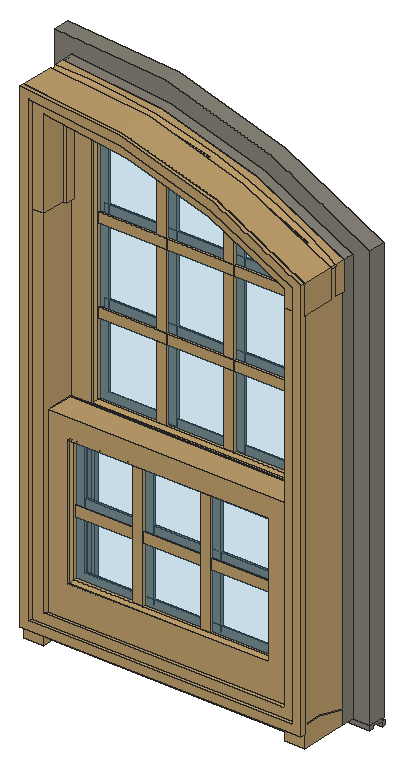
Revit family "Window-Single_Hung-Marvin-Next_Generation_Round_Top_RT21-Clad_Ultimate new", category Windows, host Wall, Revit 2013 (continued)
Definition of nested family "Muntins RT 22"
  Reference planes (in)
    plane 9: z = 54.42188
    plane 10: z = 36.125
    plane 11: x = -7.33594
    plane 12: x = 7.33594
    plane 13: x = -2.9349
    plane 14: x = -7.67969
    plane 15: x = 7.67969
    plane 16: x = 2.9349
    plane 17: z = 33.21875
    plane 18: z = 57.82813
    plane 19: z = 51.06873
    plane 20: x = -10.74219
    plane 21: x = 10.74219
  Forms (in)
    Extrusion 1, solid, material <- "Muntin Material", visible <- "CenterMuntinVertical", detail levels medium+fine
      sketch origin (9, 0, 0) x (1, 0, 0) y (0, 0, 1)
        loop
          line (-9.375, 54.76563) -> (-9.375, 35.78125) -> (-8.625, 35.78125) -> (-8.625, 54.76563) -> (-9.375, 54.76563)
      from 0 to 0.125 <- "MuntinDepth"
    Extrusion 2, solid, material <- "Muntin Material", visible <- "CenterMuntinHorizontal", detail levels medium+fine
      sketch origin (-0.0013, 0, 14.6875) x (1, 0, 0) y (0, 0, 1)
        loop
          line (-7.67839, 30.96094) -> (-7.67839, 30.21094) -> (7.68099, 30.21094) -> (7.68099, 30.96094) -> (-7.67839, 30.96094)
      from 0 to 0.125 <- "MuntinDepth"
    Extrusion 3, solid, material <- "Muntin Material", visible <- "VertMuntVisible", detail levels medium+fine
      sketch origin (7.45499, 0, -2.90625) x (1, 0, 0) y (0, 0, 1)
        loop
          line (-10.38988, 57.67188) -> (-10.38988, 38.6875) -> (-9.63988, 38.6875) -> (-9.63988, 57.67188) -> (-10.38988, 57.67188)
      from 0 to 0.125 <- "MuntinDepth"
    Extrusion 4, solid, material <- "Muntin Material", visible <- "HorizMuntVisible", detail levels medium+fine
      sketch origin (-7.63542, 0, -4.16295) x (1, 0, 0) y (0, 0, 1)
        loop
          line (-0.04427, 46.64732) -> (-0.04427, 45.89732) -> (15.3151, 45.89732) -> (15.3151, 46.64732) -> (-0.04427, 46.64732)
      from 0 to 0.125 <- "MuntinDepth"
    Extrusion 5, void
      sketch origin (0, 0, 0) x (1, 0, 0) y (0, 0, 1)
        loop
          line (7.55469, 33.21875) -> (10.74219, 33.21875) -> (10.74219, 57.82813) -> (-10.74219, 57.82813) -> (-10.74219, 54.76563)
          arc (-10.74219, 54.76563) -> (-1.32942, 53.64235) -> (7.55469, 50.33562) r 40
          line (7.55469, 50.33562) -> (7.55469, 33.21875)
      from -1 to 1
    Extrusion 6, solid, material <- "Muntin Material", visible <- "CenterMuntinVertical", detail levels coarse
      sketch origin (9, 0, 0) x (1, 0, 0) y (0, 0, 1)
        loop
          line (-9.03125, 54.76563) -> (-9.03125, 35.78125) -> (-8.96875, 35.78125) -> (-8.96875, 54.76563) -> (-9.03125, 54.76563)
      from 0 to 0.0625
    Extrusion 7, solid, material <- "Muntin Material", visible <- "VertMuntVisible", detail levels coarse
      sketch origin (7.43936, 0, 0) x (1, 0, 0) y (0, 0, 1)
        loop
          line (-10.01488, 54.76563) -> (-10.01488, 35.78125) -> (-9.98363, 35.78125) -> (-9.98363, 54.76563) -> (-10.01488, 54.76563)
      from 0 to 0.0625
    Extrusion 8, solid, material <- "Muntin Material", visible <- "CenterMuntinHorizontal", detail levels coarse
      sketch origin (-0.0013, 0, 14.6875) x (1, 0, 0) y (0, 0, 1)
        loop
          line (-7.67839, 30.61719) -> (-7.67839, 30.55469) -> (7.68099, 30.55469) -> (7.68099, 30.61719) -> (-7.67839, 30.61719)
      from 0 to 0.0625
    Extrusion 9, solid, material <- "Muntin Material", visible <- "HorizMuntVisible", detail levels coarse
      sketch origin (-13.63411, 0, -6.80357) x (1, 0, 0) y (0, 0, 1)
        loop
          line (5.95443, 48.95982) -> (5.95443, 48.89732) -> (21.3138, 48.89732) -> (21.3138, 48.95982) -> (5.95443, 48.95982)
      from 0 to 0.0625
    Extrusion 10, solid, material <- "Muntin Material", visible <- "VertMuntVisible", detail levels medium+fine
      sketch origin (12.57478, 0, -2.90625) x (1, 0, 0) y (0, 0, 1)
        loop
          line (-10.38988, 57.67188) -> (-10.38988, 38.6875) -> (-9.63988, 38.6875) -> (-9.63988, 57.67188) -> (-10.38988, 57.67188)
      from 0 to 0.125 <- "MuntinDepth"
    Extrusion 11, solid, material <- "Muntin Material", visible <- "VertMuntVisible", detail levels coarse
      sketch origin (12.55915, 0, 0) x (1, 0, 0) y (0, 0, 1)
        loop
          line (-10.01488, 54.76563) -> (-10.01488, 35.78125) -> (-9.98363, 35.78125) -> (-9.98363, 54.76563) -> (-10.01488, 54.76563)
      from 0 to 0.0625
    Extrusion 12, solid, material <- "Muntin Material", visible <- "HorizMuntVisible", detail levels medium+fine
      sketch origin (-7.63542, 0, 2.16518) x (1, 0, 0) y (0, 0, 1)
        loop
          line (-0.04427, 46.64732) -> (-0.04427, 45.89732) -> (15.3151, 45.89732) -> (15.3151, 46.64732) -> (-0.04427, 46.64732)
      from 0 to 0.125 <- "MuntinDepth"
    Extrusion 13, solid, material <- "Muntin Material", visible <- "HorizMuntVisible", detail levels coarse
      sketch origin (-13.63411, 0, -0.47545) x (1, 0, 0) y (0, 0, 1)
        loop
          line (5.95443, 48.95982) -> (5.95443, 48.89732) -> (21.3138, 48.89732) -> (21.3138, 48.95982) -> (5.95443, 48.95982)
      from 0 to 0.0625
  Cuts and joins
    Extrusion 5 cuts Extrusion 3
    Extrusion 5 cuts Extrusion 7
    Extrusion 5 cuts Extrusion 10
    Extrusion 5 cuts Extrusion 11
    Extrusion 5 cuts Extrusion 1
    Extrusion 5 cuts Extrusion 6
    Extrusion 5 cuts Extrusion 12
    Extrusion 5 cuts Extrusion 13
    Extrusion 5 cuts Extrusion 2
    Extrusion 5 cuts Extrusion 8
    Extrusion 5 cuts Extrusion 4
    Extrusion 5 cuts Extrusion 9
  Lines and regions (in)
    reference lines
      curve 1: arc (10.74219, 0, 51.06873) -> (0.3746, 0, 55.33653) -> (-10.74219, 0, 56.79182) r 43.1875
      curve 2: arc (-10.74219, 0, 54.76563) -> (-1.08153, 0, 53.58149) -> (8.00715, 0, 50.09921) r 40
  Dimensions and locks (in)
    "Inset Horiz": plane 6 to plane 7
    "Inset Horiz": plane 8 to plane 4
    equal spacing: plane 6, plane 5, plane 4
    "Height": plane 6 to plane 4
    "GlazingHeight": plane 9 to plane 10
    equal spacing: plane 9, plane 5, plane 10
    "GlazingWidth": plane 12 to plane 11
    equal spacing: plane 12, plane 3 "Center (Left/Right)", plane 11
    "MuntinWidth": Extrusion 1 sketch curve to Extrusion 1 sketch curve
    "Height": Extrusion 1 sketch curve to Extrusion 1 sketch curve
    "MuntinWidth": Extrusion 2 sketch curve to Extrusion 2 sketch curve
    "Width": Extrusion 2 sketch curve to Extrusion 2 sketch curve
    "MuntinWidth": Extrusion 3 sketch curve to Extrusion 3 sketch curve
    "Height": Extrusion 3 sketch curve to Extrusion 3 sketch curve
    "Width": plane 15 to plane 14
    equal spacing: plane 15, plane 3 "Center (Left/Right)", plane 14
    "Inset Vert": plane 13 to plane 14
    "Inset Vert": plane 15 to plane 16
    "MuntinWidth": Extrusion 4 sketch curve to Extrusion 4 sketch curve
    "Width": Extrusion 4 sketch curve to Extrusion 4 sketch curve
    locked: plane 10 to plane 17 at 2.90625
    Extrusion 6 sketch curve to plane 3 "Center (Left/Right)" to Extrusion 6 sketch curve = 0' - 0 1/32" locked, 0' - 0 1/32" locked
    "Height": Extrusion 6 sketch curve to Extrusion 6 sketch curve
    locked: Extrusion 7 sketch curve to Extrusion 7 sketch curve at 0.03125
    "Height": Extrusion 7 sketch curve to Extrusion 7 sketch curve
    locked: Extrusion 3 to Extrusion 7 at 0.35938
    equal spacing: Extrusion 8 sketch curve, plane 5, Extrusion 8 sketch curve
    "Width": Extrusion 8 sketch curve to Extrusion 8 sketch curve
    Extrusion 9 sketch curve to Extrusion 9 sketch curve = 0' - 0 1/16"
    "Width": Extrusion 9 sketch curve to Extrusion 9 sketch curve
    locked: Extrusion 9 to Extrusion 4 at 0.35937
    "MuntinWidth": Extrusion 10 sketch curve to Extrusion 10 sketch curve
    "Height": Extrusion 10 sketch curve to Extrusion 10 sketch curve
    locked: Extrusion 11 sketch curve to Extrusion 11 sketch curve at 0.03125
    "Height": Extrusion 11 sketch curve to Extrusion 11 sketch curve
    locked: Extrusion 10 to Extrusion 11 at 0.35938
    group 2 to group 3 = 0' - 5.11979"
    group 2 to group 3 = 0' - 0"  (x2)
    "MuntinWidth": Extrusion 12 sketch curve to Extrusion 12 sketch curve
    "Width": Extrusion 12 sketch curve to Extrusion 12 sketch curve
    Extrusion 13 sketch curve to Extrusion 13 sketch curve = 0' - 0 1/16"
    "Width": Extrusion 13 sketch curve to Extrusion 13 sketch curve
    locked: Extrusion 13 to Extrusion 12 at 0.35937
    group 4 to group 5 = 0' - 0"  (x2)
    group 4 to group 5 = 0' - 6 21/64"
    locked: plane 18 to plane 9 at 3.40625
    "Arc Height": plane 18 to plane 19
    locked: plane 11 to plane 20 at 3.40625
    locked: plane 12 to plane 21 at 3.40625
    locked: plane 15 to Extrusion 5 sketch curve at 0.125
    "RO Radius": radius of curve 1
    "Radius Offset": radius of curve 2
    aligned and locked: plane 6 to Extrusion 1  (x2)
    aligned and locked: Extrusion 1 to plane 4  (x3)
    aligned and locked: Extrusion 3 to plane 13  (x6)
    aligned and locked: Extrusion 3 to plane 4  (x4)
    aligned and locked: Extrusion 2 to plane 14
    aligned and locked: plane 15 to Extrusion 2
    aligned and locked: plane 6 to Extrusion 3  (x2)
    aligned and locked: Extrusion 4 to plane 14  (x2)
    aligned and locked: Extrusion 4 to plane 8  (x2)
    aligned and locked: plane 15 to Extrusion 4  (x2)
    aligned and locked: plane 6 to Extrusion 7
    aligned and locked: plane 6 to Extrusion 10
    aligned and locked: plane 6 to Extrusion 11
    aligned and locked: Extrusion 10 to plane 16
    aligned and locked: Extrusion 10 to plane 4
    aligned and locked: Extrusion 11 to plane 4
    aligned and locked: Extrusion 7 to plane 4
    aligned and locked: Extrusion 9 to plane 14
    aligned and locked: plane 15 to Extrusion 9
    aligned and locked: Extrusion 12 to plane 14
    aligned and locked: Extrusion 13 to plane 14
    aligned and locked: plane 7 to Extrusion 12
    aligned and locked: plane 15 to Extrusion 12
    aligned and locked: plane 15 to Extrusion 13
    aligned and locked: plane 20 to curve 1  (x2)
    aligned and locked: plane 6 to curve 2
    aligned and locked: plane 20 to curve 2  (x2)
    aligned and locked: plane 19 to curve 1
    aligned and locked: plane 21 to curve 1
    aligned and locked: Extrusion 5 sketch curve to curve 2
    aligned and locked: Extrusion 5 sketch curve to plane 20
    aligned and locked: plane 18 to Extrusion 5 sketch curve
    aligned and locked: plane 21 to Extrusion 5 sketch curve
    aligned and locked: Extrusion 5 sketch curve to plane 17
  Automatic sketch dimensions
    Extrusion 9 sketch curve to Extrusion 9 sketch curve = 0' - 0 1/16"
    Extrusion 13 sketch curve to Extrusion 13 sketch curve = 0' - 0 1/16"
    Extrusion 1 sketch curve to plane 4 = 0' - 0"
    Extrusion 1 sketch curve to plane 3 "Center (Left/Right)" = 0' - 0 3/8"
    Extrusion 2 sketch curve to plane 14 = 0' - 0"
    Extrusion 2 sketch curve to plane 5 = 0' - 0 3/8"
    Extrusion 6 sketch curve to plane 4 = 0' - 0"
    Extrusion 8 sketch curve to plane 14 = 0' - 0"
    Extrusion 8 sketch curve to plane 5 = 0' - 0 1/32"
    plane 15 to curve 2 = 0' - 0.32746"
Definition of nested family "Jamb Detail"
  Parameters (values of type "Jamb Detail")
    Nailer = yes
  Reference planes (in)
    plane 1 "Center (Front/Back)": y = 0
    plane 2: z = 0
    plane 3 "Center (Left/Right)": x = 0
  Lines and regions (in)
    Masking region 1, in view "Ref. Level", detail levels coarse
      outline origin (0, 3.508, 0) x (1, 0, 0) y (0, 1, 0)
        loop
          line (0, 0) -> (0, -5.64802) -> (2.62497, -5.64802) -> (2.62497, 0) -> (0, 0)
    Masking region 2, in view "Ref. Level", detail levels medium
      outline origin (0, 3.508, 0) x (1, 0, 0) y (0, 1, 0)
        loop
          line (1.49505, -0.36) -> (1.49505, 0) -> (0, 0) -> (0, -5.64802) -> (0.58673, -5.64802) -> (0.73855, -4.787) -> (1.79505, -4.787) -> (1.79505, -4.329) -> (3.25697, -4.329) -> (3.25697, -3.948) -> (2.62497, -3.948) -> (2.62497, -3.068) -> (3.25697, -3.068) -> (3.25697, -2.584) -> (1.5, -2.584) -> (1.5, -2.105) -> (3.25697, -2.105) -> (3.25697, -1.724) -> (2.62497, -1.724) -> (2.62497, -0.844) -> (3.25697, -0.844) -> (3.25697, -0.36) -> (1.49505, -0.36)
    Masking region 3, in view "Ref. Level", detail levels fine
      outline origin (0, 3.508, 0) x (1, 0, 0) y (0, 1, 0)
        loop
          line (0, 0) -> (0, -5.64802) -> (0.58673, -5.64802) -> (0.73855, -4.787) -> (1.795, -4.787) -> (1.795, -4.439) -> (1.5, -4.439) -> (1.5, -3.614) -> (0.465, -3.614) -> (0.465, -3.1055) -> (1.5, -3.1055) -> (1.5, -1.403) -> (0.465, -1.403) -> (0.465, -0.607) -> (1.49505, -0.607) -> (1.49505, 0) -> (0, 0)
    Masking region 4, in view "Ref. Level", detail levels fine
      outline origin (0, 3.508, 0) x (1, 0, 0) y (0, 1, 0)
        loop
          line (3.038, -0.36) -> (1.589, -0.36) -> (1.589, -2.105) -> (3.057, -2.105) -> (3.057, -1.98636) -> (3.25619, -1.78717) -> (3.25619, -1.724) -> (2.5, -1.724) -> (2.5, -0.844) -> (3.257, -0.844) -> (3.257, -0.64741) -> (3.038, -0.454) -> (3.038, -0.36)
        loop
          line (3.038, -2.584) -> (1.589, -2.584) -> (1.589, -4.329) -> (3.057, -4.329) -> (3.057, -4.21036) -> (3.25619, -4.01117) -> (3.25619, -3.948) -> (2.5, -3.948) -> (2.5, -3.068) -> (3.257, -3.068) -> (3.257, -2.87141) -> (3.038, -2.678) -> (3.038, -2.584)
    Masking region 5, in view "Ref. Level", detail levels fine
      outline origin (0, 3.508, 0) x (1, 0, 0) y (0, 1, 0)
        loop
          line (1.49505, -0.36) -> (1.49505, 0) -> (0, 0) -> (0, -5.64802) -> (0.58673, -5.64802) -> (0.73855, -4.787) -> (1.79505, -4.787) -> (1.79505, -4.329) -> (3.057, -4.329) -> (3.057, -4.21036) -> (3.25697, -4.01038) -> (3.25697, -3.948) -> (2.62497, -3.948) -> (2.62497, -3.068) -> (3.25697, -3.068) -> (3.25697, -2.87035) -> (3.038, -2.678) -> (3.038, -2.584) -> (1.5, -2.584) -> (1.5, -2.105) -> (3.057, -2.105) -> (3.057, -1.98636) -> (3.25697, -1.78638) -> (3.25697, -1.724) -> (2.62497, -1.724) -> (2.62497, -0.844) -> (3.25697, -0.844) -> (3.25697, -0.64635) -> (3.038, -0.454) -> (3.038, -0.36) -> (1.49505, -0.36)
    Masking region 6, in view "Ref. Level", visible <- "Nailer", detail levels fine
      outline origin (0, 3.508, 0) x (1, 0, 0) y (0, 1, 0)
        loop
          line (-1.49397, -4.55599) -> (-1.49397, -4.601) -> (0, -4.601) -> (0, -4.446) -> (-0.14397, -4.446) -> (-0.14397, -4.55599) -> (-1.49397, -4.55599)
    detail lines, style "Light", in view "Ref. Level", detail levels fine
      curve 1: line (0.465, 2.105, 0) -> (0.465, 0.4025, 0)
      curve 2: line (0.465, 2.901, 0) -> (0, 2.901, 0)
      curve 3: line (0.465, -0.728, 0) -> (0, -0.728, 0)
      curve 4: line (0.465, -0.106, 0) -> (0.465, -0.728, 0)
Definition of nested family "Header Detail"
  Parameters (values of type "Header Detail")
    Nailer = yes
  Reference planes (in)
    plane 1 "Center (Front/Back)": y = 0
    plane 2: z = 0
    plane 3 "Center (Left/Right)": x = 0
  Lines and regions (in)
    Masking region 1, in view "Ref. Level", detail levels coarse
      outline origin (0, 0, 0) x (1, 0, 0) y (0, 1, 0)
        loop
          line (-2.13999, 0) -> (-2.13999, -2.628) -> (3.50801, -2.628) -> (3.50801, 0) -> (-2.13999, 0)
    Masking region 2, in view "Ref. Level", detail levels fine
      outline origin (0, 0, 0) x (1, 0, 0) y (0, 1, 0)
        loop
          line (-2.13999, -0.57678) -> (-1.27899, -0.7286) -> (-1.27899, -1.785) -> (-0.93099, -1.785) -> (-0.93099, -1.483) -> (-0.83199, -1.483) -> (-0.83199, -0.065) -> (-0.21199, -0.065) -> (-0.21199, 0) -> (-2.13999, 0) -> (-2.13999, -0.57678)
    Masking region 3, in view "Ref. Level", detail levels fine
      outline origin (0, 0, 0) x (1, 0, 0) y (0, 1, 0)
        loop
          line (-0.82239, -1.579) -> (-0.82239, -3.04703) -> (-0.70371, -3.04703) -> (-0.50374, -3.247) -> (-0.43999, -3.247) -> (-0.43999, -2.49) -> (0.43996, -2.49) -> (0.43996, -3.247) -> (0.63638, -3.247) -> (0.83001, -3.028) -> (0.92401, -3.028) -> (0.92401, -1.579) -> (-0.82239, -1.579)
    Masking region 4, in view "Ref. Level", detail levels medium
      outline origin (0, 0, 0) x (1, 0, 0) y (0, 1, 0)
        loop
          line (1.68801, -1.4835) -> (3.50801, -1.4835) -> (3.50801, 0) -> (-2.13999, 0) -> (-2.13999, -0.57678) -> (-1.27899, -0.7286) -> (-1.27899, -1.785) -> (-0.82239, -1.785) -> (-0.82239, -3.247) -> (-0.43999, -3.247) -> (-0.43999, -2.628) -> (0.43996, -2.628) -> (0.43996, -3.247) -> (0.92401, -3.247) -> (0.92401, -1.7846) -> (1.68801, -1.7846) -> (1.68801, -1.4835)
    Masking region 5, in view "Ref. Level", visible <- "Nailer", detail levels fine
      outline origin (0, 0, 0) x (1, 0, 0) y (0, 1, 0)
        loop
          line (-1.04202, 0.15488) -> (-1.04202, 1.51988) -> (-1.08698, 1.51988) -> (-1.08698, 0) -> (-0.93202, 0) -> (-0.93202, 0.15488) -> (-1.04202, 0.15488)
    Masking region 6, in view "Ref. Level", detail levels fine
      outline origin (0, 0.25, 0) x (1, 0, 0) y (0, 1, 0)
        loop
          line (1.68801, -1.7335) -> (3.50801, -1.7335) -> (3.50801, -0.25) -> (-2.13999, -0.25) -> (-2.13999, -0.82678) -> (-1.27899, -0.9786) -> (-1.27899, -2.035) -> (-0.82239, -2.035) -> (-0.82239, -3.29703) -> (-0.70371, -3.29703) -> (-0.50374, -3.497) -> (-0.43999, -3.497) -> (-0.43999, -2.878) -> (0.43996, -2.878) -> (0.43996, -3.497) -> (0.63638, -3.497) -> (0.83001, -3.278) -> (0.92401, -3.278) -> (0.92401, -2.0346) -> (1.68801, -2.0346) -> (1.68801, -1.7335)
    Masking region 7, in view "Ref. Level", detail levels fine
      outline origin (1.49635, -0.10463, 0) x (1, 0, 0) y (0, 1, 0)
        loop
          line (0.19166, -1.37887) -> (2.01166, -1.37887) -> (2.01166, 0.10463) -> (-0.49091, 0.10463) -> (-0.54824, -0.05287) -> (-0.98096, 0.10463) -> (-1.70834, 0.10463) -> (-1.70834, 0.03963) -> (-2.32834, 0.03963) -> (-2.32834, -0.52307) -> (-1.70834, -0.52307) -> (-1.70834, -0.71107) -> (-2.32834, -0.71107) -> (-2.32834, -1.37907) -> (-0.49434, -1.37907) -> (-0.49434, -1.67997) -> (0.19166, -1.67997) -> (0.19166, -1.37887)
    detail lines, style "Light", in view "Ref. Level", detail levels fine
      curve 1: line (1.76921, 0, 0) -> (1.76921, -1.2016, 0)
      curve 2: line (1.68801, -1.2016, 0) -> (1.68801, -1.4835, 0)
      curve 3: line (1.00201, -1.2016, 0) -> (1.00201, -1.4837, 0)
      curve 4: line (1.76921, -1.2016, 0) -> (1.00201, -1.2016, 0)
Definition of nested family "Sill Detail"
  Parameters (values of type "Sill Detail")
    Nailer = yes
  Reference planes (in)
    plane 1 "Center (Front/Back)": y = 0
    plane 2: z = 0
    plane 3 "Center (Left/Right)": x = 0
  Lines and regions (in)
    Masking region 1, in view "Ref. Level", detail levels coarse
      outline origin (0, 0, 0) x (1, 0, 0) y (0, 1, 0)
        loop
          line (-4.36311, -0.00002) -> (1.28394, -0.00002) -> (1.28394, 4.21198) -> (-4.36311, 4.21198) -> (-4.36311, -0.00002)
    Masking region 2, in view "Ref. Level", detail levels medium
      outline origin (0, 0, 0) x (1, 0, 0) y (0, 1, 0)
        loop
          line (1.28394, 2.22994) -> (0.924, 2.22994) -> (0.924, 4.84396) -> (0.43999, 4.84396) -> (0.43999, 4.21198) -> (-0.43963, 4.21198) -> (-0.43963, 4.84396) -> (-0.82107, 4.84396) -> (-0.82107, 1.46892) -> (-4.36311, 0.58588) -> (-4.36311, -0.00002) -> (1.28394, -0.00002) -> (1.28394, 2.22994)
    Masking region 3, in view "Ref. Level", detail levels fine
      outline origin (0, 0, 0) x (1, 0, 0) y (0, 1, 0)
        loop
          line (0.6366, 4.84396) -> (0.43999, 4.84396) -> (0.43999, 4.08698) -> (-0.43963, 4.08698) -> (-0.43963, 4.84396) -> (-0.50237, 4.84396) -> (-0.70235, 4.64399) -> (-0.82107, 4.64399) -> (-0.82107, 1.54439) -> (-0.54105, 1.6142) -> (-0.54105, 1.91995) -> (0.924, 1.91995) -> (0.924, 4.62495) -> (0.83, 4.62495) -> (0.6366, 4.84396)
    Masking region 4, in view "Ref. Level", detail levels fine
      outline origin (0, 0, 0) x (1, 0, 0) y (0, 1, 0)
        loop
          line (1.01795, 1.62995) -> (-0.17511, 1.62995) -> (-3.50208, 0.80053) -> (-3.50208, 0.72866) -> (-4.36309, 0.57686) -> (-4.36309, -0.00002) -> (-0.60918, -0.00002) -> (1.01795, 0.40562) -> (1.01795, 1.62995)
    Masking region 5, in view "Ref. Level", detail levels fine
      outline origin (0, 0, 0) x (1, 0, 0) y (0, 1, 0)
        loop
          line (1.01794, 2.22994) -> (1.01794, 0.90494) -> (1.28394, 0.90494) -> (1.28394, 2.22994) -> (1.01794, 2.22994)
    Masking region 6, in view "Ref. Level", visible <- "Nailer", detail levels fine
      outline origin (0, 0, 0) x (1, 0, 0) y (0, 1, 0)
        loop
          line (-3.27149, -1.25785) -> (-3.27149, -0.00002) -> (-3.55046, -0.00002) -> (-3.55046, -0.04284) -> (-3.31146, -0.04284) -> (-3.31146, -1.25785) -> (-3.27149, -1.25785)
    Masking region 7, in view "Ref. Level", detail levels fine
      outline origin (0, 0, 0) x (1, 0, 0) y (0, 1, 0)
        loop
          line (1.28394, 2.22994) -> (0.924, 2.22994) -> (0.924, 4.62495) -> (0.83, 4.62495) -> (0.6366, 4.84396) -> (0.43999, 4.84396) -> (0.43999, 4.21198) -> (-0.43963, 4.21198) -> (-0.43963, 4.84396) -> (-0.50237, 4.84396) -> (-0.70235, 4.64399) -> (-0.82107, 4.64399) -> (-0.82107, 1.46892) -> (-3.50208, 0.80054) -> (-3.50208, 0.72866) -> (-4.36311, 0.57686) -> (-4.36311, -0.00002) -> (-0.60641, -0.00002) -> (1.01794, 0.40494) -> (1.01794, 0.90494) -> (1.28394, 0.90494) -> (1.28394, 2.22994)
    detail lines, style "Light", in view "Ref. Level", detail levels fine
      curve 1: line (-2.91948, 0, 0) -> (-3.14146, 0.89044, 0)
Definition of nested family "Checkrail Detail"
  Reference planes (in)
    plane 1 "Center (Front/Back)": y = 0
    plane 2: z = 0
    plane 3 "Center (Left/Right)": x = 0
  Lines and regions (in)
    Masking region 1, in view "Ref. Level", detail levels medium
      outline origin (0, -0.88249, 0) x (1, 0, 0) y (0, 1, 0)
        loop
          line (-0.821, 0) -> (1.52161, 0) -> (1.52161, -0.07906) -> (1.7843, -0.07906) -> (1.7843, 0.53895) -> (2.66392, 0.53895) -> (2.66392, -0.07906) -> (3.148, -0.07906) -> (3.148, 1.63899) -> (0.83002, 1.63899) -> (0.83002, 1.858) -> (0.43999, 1.858) -> (0.43999, 1.22602) -> (-0.4405, 1.22602) -> (-0.4405, 1.858) -> (-0.821, 1.858) -> (-0.821, 0)
    Masking region 2, in view "Ref. Level", detail levels coarse
      outline origin (0, -0.88249, 0) x (1, 0, 0) y (0, 1, 0)
        loop
          line (-0.821, 0.53895) -> (3.148, 0.53895) -> (3.148, 1.22602) -> (-0.821, 1.22602) -> (-0.821, 0.53895)
    Masking region 3, in view "Ref. Level", detail levels fine
      outline origin (0, -0.88249, 0) x (1, 0, 0) y (0, 1, 0)
        loop
          line (3.148, 0.13993) -> (3.148, 1.63899) -> (1.10998, 1.63899) -> (1.10998, 0.25695) -> (1.15997, 0.25695) -> (1.15997, 0.53598) -> (1.40297, 0.53598) -> (1.40297, 0.12098) -> (1.52161, 0.12098) -> (1.72163, -0.07906) -> (1.7843, -0.07906) -> (1.7843, 0.67794) -> (2.66392, 0.67794) -> (2.66392, -0.07906) -> (2.86055, -0.07906) -> (3.05397, 0.13993) -> (3.148, 0.13993)
        loop
          line (1.02201, 1.63899) -> (0.83002, 1.63899) -> (0.6366, 1.858) -> (0.43999, 1.858) -> (0.43999, 1.101) -> (-0.4405, 1.101) -> (-0.4405, 1.85716) -> (-0.50323, 1.85716) -> (-0.70235, 1.65803) -> (-0.821, 1.65803) -> (-0.821, 0) -> (1.309, 0) -> (1.309, 0.389) -> (1.259, 0.389) -> (1.259, 0.05) -> (1.02201, 0.05) -> (1.02201, 1.63899)
    Masking region 4, in view "Ref. Level", detail levels fine
      outline origin (0, -0.88249, 0) x (1, 0, 0) y (0, 1, 0)
        loop
          line (-0.821, 0) -> (1.309, 0) -> (1.309, 0.12098) -> (1.52161, 0.12098) -> (1.72163, -0.07906) -> (1.7843, -0.07906) -> (1.7843, 0.53895) -> (2.66392, 0.53895) -> (2.66392, -0.07906) -> (2.86055, -0.07906) -> (3.05397, 0.13993) -> (3.148, 0.13993) -> (3.148, 1.63899) -> (0.83002, 1.63899) -> (0.6366, 1.858) -> (0.43999, 1.858) -> (0.43999, 1.22602) -> (-0.4405, 1.22602) -> (-0.4405, 1.858) -> (-0.50239, 1.858) -> (-0.70235, 1.65803) -> (-0.821, 1.65803) -> (-0.821, 0)
    detail lines, style "Medium", in view "Ref. Level", detail levels coarse
      curve 1: line (1.1635, 0.34354, 0) -> (1.1635, -0.34354, 0)
    detail lines, style "Medium", in view "Ref. Level", detail levels medium
      curve 2: line (1.1635, 0.7565, 0) -> (1.1635, -0.88249, 0)
Definition of nested family "Wood Ext Trim Detail"
  Parameters (values of type "Wood Ext Trim Detail")
    Wood Flat Notch [instance] = no
    Wood Flat [instance] = yes
    Wood BMC Notch [instance] = no
    Wood BMC [instance] = no
    Clad Flat [instance] = no
    Clad BMC [instance] = no
    Assembly Code = ""
  Reference planes (in)
    plane 1 "Center (Front/Back)": y = 0
    plane 2: z = 0
    plane 3 "Center (Left/Right)": x = 0
  Lines and regions (in)
    Masking region 1, in view "Ref. Level", visible <- "Clad Flat"
      outline origin (0, 0, 0) x (1, 0, 0) y (0, 1, 0)
        loop
          line (0, 0) -> (0, -1.09375) -> (3, -1.09375) -> (3, 0) -> (0, 0)
    Masking region 2, in view "Ref. Level", visible <- "Clad BMC"
      outline origin (0, 0, 0) x (1, 0, 0) y (0, 1, 0)
        loop
          line (0.38081, 0) -> (0, 0) -> (0, -1.09375) -> (1.3125, -1.09375) -> (1.3125, 0.15625) -> (0.71589, 0.15625) -> (0.38081, 0)
    Masking region 3, in view "Ref. Level", visible <- "Wood BMC Notch"
      outline origin (0.25, 0, 0) x (1, 0, 0) y (0, 1, 0)
        loop
          line (1.3125, -1.09375) -> (1.3125, 0.125) -> (0.77353, 0.125) -> (0.30703, 0) -> (-0.6875, 0) -> (-0.6875, -0.81275) -> (-0.34349, -0.81275) -> (-0.34349, -1.09375) -> (1.3125, -1.09375)
    Masking region 4, in view "Ref. Level", visible <- "Wood Flat Notch"
      outline origin (0.25, 0, 0) x (1, 0, 0) y (0, 1, 0)
        loop
          line (-0.6875, 0) -> (-0.6875, -0.81276) -> (-0.34349, -0.81276) -> (-0.34349, -1.09375) -> (2.8125, -1.09375) -> (2.8125, 0) -> (-0.6875, 0)
    Masking region 5, in view "Ref. Level", visible <- "Wood BMC"
      outline origin (0.25, 0, 0) x (1, 0, 0) y (0, 1, 0)
        loop
          line (1.3125, -1.09375) -> (1.3125, 0.125) -> (0.77353, 0.125) -> (0.30703, 0) -> (-0.6875, 0) -> (-0.6875, -1.09375) -> (1.3125, -1.09375)
    Masking region 6, in view "Ref. Level", visible <- "Wood Flat"
      outline origin (0.25, 0, 0) x (1, 0, 0) y (0, 1, 0)
        loop
          line (-0.6875, 0) -> (-0.6875, -1.09375) -> (2.8125, -1.09375) -> (2.8125, 0) -> (-0.6875, 0)
Definition of nested family "Clad Subsill Detail"
  Parameters (values of type "Clad Subsill Detail")
    Nailer = yes
    Assembly Code = ""
  Reference planes (in)
    plane 1 "Center (Front/Back)": y = 0
    plane 2: z = 0
    plane 3 "Center (Left/Right)": x = 0
  Lines and regions (in)
    Masking region 1, in view "Ref. Level", detail levels coarse+medium
      outline origin (0, 0, 0) x (1, 0, 0) y (0, 1, 0)
        loop
          line (0, 0) -> (0, -0.14095) -> (-0.2553, -0.14095) -> (-0.2553, -0.5702) -> (-0.09909, -0.5702) -> (-0.09909, -0.32566) -> (1.12389, -0.32566) -> (1.12389, 0) -> (0, 0)
    Masking region 2, in view "Ref. Level", detail levels fine
      outline origin (0, 0, 0) x (1, 0, 0) y (0, 1, 0)
        loop
          line (-0.2553, -0.17936) -> (-0.2553, -0.5702) -> (-0.09909, -0.5702) -> (-0.09909, -0.52016) -> (-0.2053, -0.52016) -> (-0.2053, -0.2474) -> (0.83801, -0.10077) -> (0.83801, -0.32566) -> (1.12389, -0.32566) -> (1.12389, -0.26227) -> (1.04806, -0.26227) -> (1.04806, -0.07125) -> (1.12389, -0.06059) -> (1.12389, 0) -> (0, 0) -> (0, -0.14348) -> (-0.2553, -0.17936)
    Masking region 3, in view "Ref. Level", visible <- "Nailer", detail levels fine
      outline origin (0, -0.32827, 0) x (1, 0, 0) y (0, 1, 0)
        loop
          line (0.82929, 0.00261) -> (0.82929, -0.04097) -> (0.99892, -0.04097) -> (0.99892, -1.48397) -> (1.04392, -1.48397) -> (1.04392, -0.15597) -> (1.15392, -0.15597) -> (1.15392, 0.00261) -> (0.82929, 0.00261)
Definition of nested family "Label Annotation 1-16 w4"
  Parameters
    Nominal Width = 1' - 6"
    Nominal Height = 6' - 0"
    Description = "CUCART18"
  Reference planes (in)
    plane 1: y = 0
    plane 2: x = 0
  Text (in)
    label "Nominal Width X  Nominal Height\n\nDescription" at (0.00375, -0.00345, 0), shows "Nominal Width", "Nominal Height", "Description"
Definition of nested family "Sliding Arrow"
  Reference planes (in)
    plane 1 "Center (Front/Back)": y = 0
    plane 2: z = 0
    plane 3 "Center (Left/Right)": x = 0
  Lines and regions (in)
    detail lines, style "H Line", in view "Ref. Level"
      curve 1: line (0, 1.5, 0) -> (2.59808, 0, 0)
      curve 2: line (2.59808, 0, 0) -> (0, -1.5, 0)
      curve 3: line (2.59808, 0, 0) -> (-2.40192, 0, 0)
